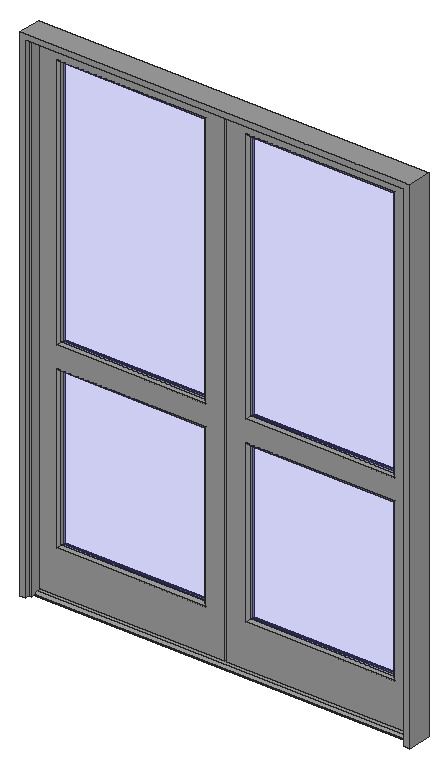
Revit family "MS-375 PIVOT DOOR-Double-VIP-0.25-CW_v05", category Curtain Panels, Revit 2015 (continued)
Definition of nested family "2.5x6-RTCIG CW-H8533-DHD-OHD SC-DI"
  Lines and regions (in)
    detail lines, in view "Ref. Level", detail levels fine
      curve 106: line (0.61696, -1.37533, 0) -> (0.63196, -1.37433, 0)
      curve 107: line (0.63196, -1.37433, 0) -> (0.65896, -1.37233, 0)
      curve 108: line (0.65896, -1.37233, 0) -> (0.67896, -1.37033, 0)
      curve 109: line (0.67896, -1.37033, 0) -> (0.65296, -1.36633, 0)
      curve 110: line (0.65296, -1.36633, 0) -> (0.62296, -1.36633, 0)
      curve 111: line (0.62296, -1.36633, 0) -> (0.58996, -1.36433, 0)
      curve 112: line (0.58996, -1.36433, 0) -> (0.54796, -1.36933, 0)
      curve 113: line (0.57196, -1.38433, 0) -> (0.58996, -1.38133, 0)
      curve 114: line (0.58996, -1.38133, 0) -> (0.54796, -1.38833, 0)
      curve 115: line (0.54796, -1.38833, 0) -> (0.57196, -1.38433, 0)
      curve 116: line (0.54996, -1.24133, 0) -> (0.56796, -1.23933, 0)
      curve 117: line (0.56796, -1.23933, 0) -> (0.58096, -1.23733, 0)
      curve 118: line (0.58096, -1.23733, 0) -> (0.59396, -1.23533, 0)
      curve 119: line (0.59396, -1.23533, 0) -> (0.61496, -1.23533, 0)
      curve 120: line (0.61496, -1.23533, 0) -> (0.62796, -1.23533, 0)
      curve 121: line (0.62796, -1.23533, 0) -> (0.65696, -1.23733, 0)
      curve 122: line (0.65696, -1.23733, 0) -> (0.67096, -1.23733, 0)
      curve 123: line (0.67096, -1.23733, 0) -> (0.67896, -1.23933, 0)
      curve 124: line (0.67896, -1.23933, 0) -> (0.69696, -1.24133, 0)
      curve 125: line (0.69696, -1.24133, 0) -> (0.71096, -1.24433, 0)
      curve 126: line (0.71096, -1.24433, 0) -> (0.72796, -1.25233, 0)
      curve 127: line (0.72796, -1.25233, 0) -> (0.74196, -1.25233, 0)
      curve 128: line (0.74196, -1.25233, 0) -> (0.72596, -1.24433, 0)
      curve 129: line (0.72596, -1.24433, 0) -> (0.71096, -1.25033, 0)
      curve 130: line (0.71096, -1.25033, 0) -> (0.70196, -1.25033, 0)
      curve 131: line (0.70196, -1.25033, 0) -> (0.68596, -1.25033, 0)
      curve 132: line (0.68596, -1.25033, 0) -> (0.67096, -1.24633, 0)
      curve 133: line (0.67096, -1.24633, 0) -> (0.65496, -1.24633, 0)
      curve 134: line (0.65496, -1.24633, 0) -> (0.62296, -1.24633, 0)
      curve 135: line (0.62296, -1.24633, 0) -> (0.60596, -1.24633, 0)
      curve 136: line (0.60596, -1.24633, 0) -> (0.59396, -1.24633, 0)
      curve 137: line (0.59396, -1.24633, 0) -> (0.54796, -1.25433, 0)
      curve 138: line (0.54996, -1.20833, 0) -> (0.56096, -1.20833, 0)
      curve 139: line (0.56096, -1.20833, 0) -> (0.58096, -1.20833, 0)
      curve 140: line (0.58096, -1.20833, 0) -> (0.59196, -1.20633, 0)
      curve 141: line (0.59196, -1.20633, 0) -> (0.59896, -1.20633, 0)
      curve 142: line (0.59896, -1.20633, 0) -> (0.60596, -1.20833, 0)
      curve 143: line (0.60596, -1.20833, 0) -> (0.62296, -1.21433, 0)
      curve 144: line (0.62296, -1.21433, 0) -> (0.65496, -1.21233, 0)
      curve 145: line (0.65496, -1.21233, 0) -> (0.66196, -1.21033, 0)
      curve 146: line (0.66196, -1.21033, 0) -> (0.67096, -1.21233, 0)
      curve 147: line (0.67096, -1.21233, 0) -> (0.68096, -1.21233, 0)
      curve 148: line (0.68096, -1.21233, 0) -> (0.68996, -1.21233, 0)
      curve 149: line (0.74596, -1.21033, 0) -> (0.73496, -1.21033, 0)
      curve 150: line (0.73496, -1.21033, 0) -> (0.74196, -1.21033, 0)
      curve 151: line (0.74196, -1.21033, 0) -> (0.75296, -1.21033, 0)
      curve 152: line (0.75296, -1.21033, 0) -> (0.76396, -1.21033, 0)
      curve 153: line (0.76396, -1.21033, 0) -> (0.77496, -1.20633, 0)
      curve 154: line (0.77896, -1.20633, 0) -> (0.76796, -1.20633, 0)
      curve 155: line (0.76796, -1.20633, 0) -> (0.76096, -1.20633, 0)
      curve 156: line (0.76096, -1.20633, 0) -> (0.75296, -1.20833, 0)
      curve 157: line (0.75296, -1.20833, 0) -> (0.74596, -1.21033, 0)
      curve 158: line (0.78096, -1.27033, 0) -> (0.76996, -1.27233, 0)
      curve 159: line (0.76996, -1.27233, 0) -> (0.75496, -1.27433, 0)
      curve 160: line (0.75496, -1.27433, 0) -> (0.74396, -1.27433, 0)
      curve 161: line (0.74396, -1.27433, 0) -> (0.73496, -1.27433, 0)
      curve 162: line (0.73496, -1.27433, 0) -> (0.71496, -1.27433, 0)
      curve 163: line (0.71496, -1.27433, 0) -> (0.69696, -1.27433, 0)
      curve 164: line (0.69696, -1.27433, 0) -> (0.67496, -1.27033, 0)
      curve 165: line (0.67496, -1.27033, 0) -> (0.65696, -1.27033, 0)
      curve 166: line (0.65696, -1.27033, 0) -> (0.60996, -1.27033, 0)
      curve 167: line (0.60996, -1.27033, 0) -> (0.57396, -1.27033, 0)
      curve 168: line (0.57396, -1.27033, 0) -> (0.54796, -1.26833, 0)
      curve 169: line (0.54796, -1.26133, 0) -> (0.56796, -1.26133, 0)
      curve 170: line (0.56796, -1.26133, 0) -> (0.59696, -1.26133, 0)
      curve 171: line (0.59696, -1.26133, 0) -> (0.62496, -1.26133, 0)
      curve 172: line (0.62496, -1.26133, 0) -> (0.66796, -1.26333, 0)
      curve 173: line (0.66796, -1.26333, 0) -> (0.70096, -1.26433, 0)
      curve 174: line (0.70096, -1.26433, 0) -> (0.71896, -1.26333, 0)
      curve 175: line (0.71896, -1.26333, 0) -> (0.73296, -1.26333, 0)
      curve 176: line (0.73296, -1.26333, 0) -> (0.75096, -1.26333, 0)
      curve 177: line (0.75096, -1.26333, 0) -> (0.76096, -1.26333, 0)
      curve 178: line (0.76096, -1.26333, 0) -> (0.76796, -1.26333, 0)
      curve 179: line (0.76796, -1.26333, 0) -> (0.78096, -1.26333, 0)
      curve 180: line (0.78096, -1.25133, 0) -> (0.76996, -1.25033, 0)
      curve 181: line (0.76996, -1.25033, 0) -> (0.76196, -1.25033, 0)
      curve 182: line (0.76196, -1.25033, 0) -> (0.75096, -1.25233, 0)
      curve 183: line (0.75096, -1.25233, 0) -> (0.74196, -1.25233, 0)
      curve 184: line (0.74196, -1.25233, 0) -> (0.74996, -1.24833, 0)
      curve 185: line (0.74996, -1.24833, 0) -> (0.76396, -1.24633, 0)
      curve 186: line (0.76396, -1.24633, 0) -> (0.77496, -1.24333, 0)
      curve 187: line (0.76996, -1.22433, 0) -> (0.75496, -1.22433, 0)
      curve 188: line (0.75496, -1.22433, 0) -> (0.74196, -1.22633, 0)
      curve 189: line (0.74196, -1.22633, 0) -> (0.73296, -1.22633, 0)
      curve 190: line (0.73296, -1.22633, 0) -> (0.70996, -1.22433, 0)
      curve 191: line (0.70996, -1.22433, 0) -> (0.69896, -1.22333, 0)
      curve 192: line (0.69896, -1.22333, 0) -> (0.67696, -1.22433, 0)
      curve 193: line (0.67696, -1.22433, 0) -> (0.65296, -1.22333, 0)
      curve 194: line (0.65296, -1.22333, 0) -> (0.62296, -1.22333, 0)
      curve 195: line (0.62296, -1.22333, 0) -> (0.59896, -1.22133, 0)
      curve 196: line (0.59896, -1.22133, 0) -> (0.58096, -1.22133, 0)
      curve 197: line (0.58096, -1.22133, 0) -> (0.56096, -1.22133, 0)
      curve 198: line (0.56096, -1.22133, 0) -> (0.54796, -1.22233, 0)
      curve 199: line (0.73496, -1.21033, 0) -> (0.71896, -1.21233, 0)
      curve 200: line (0.71896, -1.21233, 0) -> (0.70996, -1.20833, 0)
      curve 201: line (0.70996, -1.20833, 0) -> (0.72396, -1.20833, 0)
      curve 202: line (0.72396, -1.20833, 0) -> (0.73296, -1.21233, 0)
      curve 203: line (0.73296, -1.37433, 0) -> (0.74396, -1.37433, 0)
      curve 204: line (0.74396, -1.37433, 0) -> (0.76096, -1.37433, 0)
      curve 205: line (0.76096, -1.37433, 0) -> (0.77296, -1.37433, 0)
      curve 206: line (0.78096, -1.37033, 0) -> (0.77096, -1.37033, 0)
      curve 207: line (0.77096, -1.37033, 0) -> (0.75496, -1.37033, 0)
      curve 208: line (0.75496, -1.37033, 0) -> (0.74796, -1.36833, 0)
      curve 209: line (0.74796, -1.36833, 0) -> (0.74096, -1.36833, 0)
      curve 210: line (0.74096, -1.36833, 0) -> (0.72996, -1.36633, 0)
      curve 211: line (0.72996, -1.36633, 0) -> (0.71496, -1.36633, 0)
      curve 212: line (0.71496, -1.36633, 0) -> (0.70396, -1.36633, 0)
      curve 213: line (0.70396, -1.36633, 0) -> (0.68996, -1.37033, 0)
      curve 214: line (0.68996, -1.37033, 0) -> (0.70596, -1.37233, 0)
      curve 215: line (0.70596, -1.37233, 0) -> (0.72096, -1.37233, 0)
      curve 216: line (0.72096, -1.37233, 0) -> (0.73296, -1.37433, 0)
      curve 217: line (0.75896, -1.35433, 0) -> (0.74796, -1.35033, 0)
      curve 218: line (0.74796, -1.35033, 0) -> (0.76396, -1.34633, 0)
      curve 219: line (0.76396, -1.34633, 0) -> (0.77296, -1.34633, 0)
      curve 220: line (0.77296, -1.34633, 0) -> (0.78096, -1.34833, 0)
      curve 221: line (0.78096, -1.34833, 0) -> (0.77296, -1.35433, 0)
      curve 222: line (0.77296, -1.35433, 0) -> (0.76596, -1.35433, 0)
      curve 223: line (0.76596, -1.35433, 0) -> (0.75896, -1.35433, 0)
      curve 224: line (0.54796, -1.31033, 0) -> (0.55896, -1.31033, 0)
      curve 225: line (0.55896, -1.31033, 0) -> (0.58796, -1.30833, 0)
      curve 226: line (0.58796, -1.30833, 0) -> (0.61496, -1.30833, 0)
      curve 227: line (0.61496, -1.30833, 0) -> (0.62796, -1.30833, 0)
      curve 228: line (0.62796, -1.30833, 0) -> (0.66196, -1.31033, 0)
      curve 229: line (0.66196, -1.31033, 0) -> (0.68096, -1.31233, 0)
      curve 230: line (0.68096, -1.31233, 0) -> (0.69896, -1.31433, 0)
      curve 231: line (0.69896, -1.31433, 0) -> (0.72096, -1.31433, 0)
      curve 232: line (0.72096, -1.31433, 0) -> (0.73696, -1.31433, 0)
      curve 233: line (0.73696, -1.31433, 0) -> (0.75896, -1.31433, 0)
      curve 234: line (0.75896, -1.31433, 0) -> (0.76596, -1.31433, 0)
      curve 235: line (0.76596, -1.31433, 0) -> (0.77896, -1.31033, 0)
      curve 236: line (0.54796, -1.32333, 0) -> (0.57896, -1.32133, 0)
      curve 237: line (0.57896, -1.32133, 0) -> (0.60496, -1.31933, 0)
      curve 238: line (0.60496, -1.31933, 0) -> (0.61896, -1.31933, 0)
      curve 239: line (0.61896, -1.31933, 0) -> (0.66196, -1.31933, 0)
      curve 240: line (0.66196, -1.31933, 0) -> (0.67696, -1.32133, 0)
      curve 241: line (0.67696, -1.32133, 0) -> (0.70096, -1.32133, 0)
      curve 242: line (0.70096, -1.32133, 0) -> (0.71496, -1.32133, 0)
      curve 243: line (0.71496, -1.32133, 0) -> (0.73496, -1.32133, 0)
      curve 244: line (0.73496, -1.32133, 0) -> (0.75096, -1.32333, 0)
      curve 245: line (0.75096, -1.32333, 0) -> (0.76196, -1.32433, 0)
      curve 246: line (0.76196, -1.32433, 0) -> (0.77096, -1.32433, 0)
      curve 247: line (0.77096, -1.32433, 0) -> (0.78096, -1.32433, 0)
      curve 248: line (0.73296, -1.35433, 0) -> (0.74796, -1.35433, 0)
      curve 249: line (0.74796, -1.35433, 0) -> (0.72596, -1.35733, 0)
      curve 250: line (0.72596, -1.35733, 0) -> (0.73296, -1.35433, 0)
      curve 251: line (0.71296, -1.35533, 0) -> (0.70396, -1.36133, 0)
      curve 252: line (0.70396, -1.36133, 0) -> (0.72596, -1.35733, 0)
      curve 253: line (0.72596, -1.35733, 0) -> (0.71296, -1.35533, 0)
      curve 254: line (0.54796, -1.29533, 0) -> (0.57696, -1.29533, 0)
      curve 255: line (0.57696, -1.29533, 0) -> (0.60996, -1.29533, 0)
      curve 256: line (0.60996, -1.29533, 0) -> (0.65296, -1.29533, 0)
      curve 257: line (0.65296, -1.29533, 0) -> (0.67296, -1.29533, 0)
      curve 258: line (0.67296, -1.29533, 0) -> (0.69896, -1.29933, 0)
      curve 259: line (0.69896, -1.29933, 0) -> (0.70796, -1.29933, 0)
      curve 260: line (0.70796, -1.29933, 0) -> (0.72096, -1.30133, 0)
      curve 261: line (0.72096, -1.30133, 0) -> (0.73296, -1.30133, 0)
      curve 262: line (0.73296, -1.30133, 0) -> (0.74396, -1.30133, 0)
      curve 263: line (0.74396, -1.30133, 0) -> (0.75296, -1.30133, 0)
      curve 264: line (0.75296, -1.30133, 0) -> (0.76996, -1.29933, 0)
      curve 265: line (0.76996, -1.29933, 0) -> (0.77696, -1.29933, 0)
      curve 266: line (0.77696, -1.29933, 0) -> (0.77696, -1.2896, 0)
      curve 267: line (0.78096, -1.28933, 0) -> (0.76596, -1.29033, 0)
      curve 268: line (0.76596, -1.29033, 0) -> (0.75496, -1.29033, 0)
      curve 269: line (0.75496, -1.29033, 0) -> (0.74096, -1.29233, 0)
      curve 270: line (0.74096, -1.29233, 0) -> (0.70996, -1.28833, 0)
      curve 271: line (0.70996, -1.28833, 0) -> (0.69296, -1.28833, 0)
      curve 272: line (0.69296, -1.28833, 0) -> (0.67696, -1.28833, 0)
      curve 273: line (0.67696, -1.28833, 0) -> (0.66096, -1.28633, 0)
      curve 274: line (0.66096, -1.28633, 0) -> (0.62296, -1.28633, 0)
      curve 275: line (0.62296, -1.28633, 0) -> (0.60096, -1.28433, 0)
      curve 276: line (0.60096, -1.28433, 0) -> (0.56096, -1.28333, 0)
      curve 277: line (0.56096, -1.28333, 0) -> (0.54796, -1.28333, 0)
      curve 278: line (0.54796, -1.33833, 0) -> (0.57896, -1.33533, 0)
      curve 279: line (0.57896, -1.33533, 0) -> (0.61496, -1.33733, 0)
      curve 280: line (0.61496, -1.33733, 0) -> (0.65296, -1.33733, 0)
      curve 281: line (0.65296, -1.33733, 0) -> (0.67496, -1.33733, 0)
      curve 282: line (0.67496, -1.33733, 0) -> (0.69496, -1.33733, 0)
      curve 283: line (0.69496, -1.33733, 0) -> (0.70996, -1.33733, 0)
      curve 284: line (0.70996, -1.33733, 0) -> (0.72596, -1.33933, 0)
      curve 285: line (0.72596, -1.33933, 0) -> (0.73696, -1.33933, 0)
      curve 286: line (0.73696, -1.33933, 0) -> (0.74796, -1.33933, 0)
      curve 287: line (0.74796, -1.33933, 0) -> (0.75896, -1.33933, 0)
      curve 288: line (0.75896, -1.33933, 0) -> (0.77696, -1.33733, 0)
      curve 289: line (0.78096, -1.41933, 0) -> (0.78096, -1.15933, 0)
    detail lines, in view "Ref. Level", detail levels medium
      curve 290: arc (1.65506, -0.328, 0) -> (1.67791, -0.38315, 0) -> (1.73306, -0.406, 0) r 0.078
      curve 291: arc (0.20206, -0.406, 0) -> (0.25722, -0.38315, 0) -> (0.28006, -0.328, 0) r 0.078
      curve 292: arc (0.68756, -1.173, 0) -> (0.71506, -1.2005, 0) -> (0.74256, -1.173, 0) r 0.0275
      curve 293: arc (0.74256, -1.408, 0) -> (0.71506, -1.3805, 0) -> (0.68756, -1.408, 0) r 0.0275
      curve 294: arc (2.00056, -1, 0) -> (1.96239, -1.07442, 0) -> (2.04511, -1.062, 0) r 0.047
      curve 295: arc (0.95295, -1.053, 0) -> (1.03486, -1.07804, 0) -> (0.99956, -1, 0) r 0.047
      curve 296: line (1.73306, -0.406, 0) -> (1.98306, -0.406, 0)
      curve 297: line (1.98306, -0.406, 0) -> (1.98306, -0.375, 0)
      curve 298: line (1.98306, -0.375, 0) -> (3.09256, -0.375, 0)
      curve 299: line (3.09256, -0.375, 0) -> (3.09256, -0.875, 0)
      curve 300: line (3.09256, -0.875, 0) -> (-1.15744, -0.875, 0)
      curve 301: line (-1.15744, -0.875, 0) -> (-1.15744, -0.375, 0)
      curve 302: line (-1.15744, -0.375, 0) -> (-0.04794, -0.375, 0)
      curve 303: line (-0.04794, -0.375, 0) -> (-0.04794, -0.406, 0)
      curve 304: line (-0.04794, -0.406, 0) -> (0.20206, -0.406, 0)
      curve 305: line (0.28006, -0.328, 0) -> (0.03006, -0.328, 0)
      curve 306: line (0.03006, -0.328, 0) -> (0.03006, -0.25, 0)
      curve 307: line (0.03006, -0.25, 0) -> (-1.28244, -0.25, 0)
      curve 308: line (-1.28244, -0.25, 0) -> (-1.28244, -1, 0)
      curve 309: line (-1.28244, -1, 0) -> (3.21756, -1, 0)
      curve 310: line (3.21756, -1, 0) -> (3.21756, -0.25, 0)
      curve 311: line (3.21756, -0.25, 0) -> (1.90506, -0.25, 0)
      curve 312: line (1.90506, -0.25, 0) -> (1.90506, -0.328, 0)
      curve 313: line (1.90506, -0.328, 0) -> (1.65506, -0.328, 0)
      curve 314: line (0.74256, -1.173, 0) -> (0.74256, -1.143, 0)
      curve 315: line (0.74256, -1.143, 0) -> (0.79756, -1.143, 0)
      curve 316: line (0.79756, -1.143, 0) -> (0.79756, -1.438, 0)
      curve 317: line (0.79756, -1.438, 0) -> (0.74256, -1.438, 0)
      curve 318: line (0.74256, -1.438, 0) -> (0.74256, -1.408, 0)
      curve 319: line (0.68756, -1.408, 0) -> (0.68756, -1.5, 0)
      curve 320: line (0.68756, -1.5, 0) -> (2.31256, -1.5, 0)
      curve 321: line (2.31256, -1.5, 0) -> (2.31256, -1, 0)
      curve 322: line (2.31256, -1, 0) -> (2.00056, -1, 0)
      curve 323: line (2.04511, -1.062, 0) -> (2.25056, -1.062, 0)
      curve 324: line (2.25056, -1.062, 0) -> (2.25056, -1.438, 0)
      curve 325: line (2.25056, -1.438, 0) -> (0.85956, -1.438, 0)
      curve 326: line (0.85956, -1.438, 0) -> (0.85956, -1.053, 0)
      curve 327: line (0.85956, -1.053, 0) -> (0.95295, -1.053, 0)
      curve 328: line (0.99956, -1, 0) -> (0.79756, -1, 0)
      curve 329: line (0.79756, -1, 0) -> (0.79756, -1.081, 0)
      curve 330: line (0.79756, -1.081, 0) -> (0.74256, -1.081, 0)
      curve 331: line (0.74256, -1.081, 0) -> (0.74256, -1, 0)
      curve 332: line (0.74256, -1, 0) -> (0.68756, -1, 0)
      curve 333: line (0.68756, -1, 0) -> (0.68756, -1.173, 0)
      curve 334: line (-1.28244, 0, 0) -> (-1.28244, -1, 0)
      curve 335: line (-1.28244, -1, 0) -> (0.68756, -1, 0)
      curve 336: line (0.68756, -1, 0) -> (0.68756, -1.5, 0)
      curve 337: line (0.68756, -1.5, 0) -> (2.31256, -1.5, 0)
      curve 338: line (2.31256, -1.5, 0) -> (2.31256, -1, 0)
      curve 339: line (2.31256, -1, 0) -> (3.21756, -1, 0)
      curve 340: line (3.21756, -1, 0) -> (3.21756, 0, 0)
      curve 341: line (3.21756, 0, 0) -> (-1.28244, 0, 0)
    detail lines, in view "Ref. Level", not visible, detail levels fine
      curve 342: arc (1.65506, -0.328, 0) -> (1.67791, -0.38315, 0) -> (1.73306, -0.406, 0) r 0.078
      curve 343: arc (0.20206, -0.406, 0) -> (0.25722, -0.38315, 0) -> (0.28006, -0.328, 0) r 0.078
      curve 344: arc (0.68756, -1.173, 0) -> (0.71506, -1.2005, 0) -> (0.74256, -1.173, 0) r 0.0275
      curve 345: arc (0.74256, -1.408, 0) -> (0.71506, -1.3805, 0) -> (0.68756, -1.408, 0) r 0.0275
      curve 346: arc (2.00056, -1, 0) -> (1.96239, -1.07442, 0) -> (2.04511, -1.062, 0) r 0.047
      curve 347: arc (0.95295, -1.053, 0) -> (1.03486, -1.07804, 0) -> (0.99956, -1, 0) r 0.047
      curve 348: line (1.73306, -0.406, 0) -> (1.98306, -0.406, 0)
      curve 349: line (1.98306, -0.406, 0) -> (1.98306, -0.375, 0)
      curve 350: line (1.98306, -0.375, 0) -> (3.09256, -0.375, 0)
      curve 351: line (3.09256, -0.375, 0) -> (3.09256, -0.875, 0)
      curve 352: line (3.09256, -0.875, 0) -> (-1.15744, -0.875, 0)
      curve 353: line (-1.15744, -0.875, 0) -> (-1.15744, -0.375, 0)
      curve 354: line (-1.15744, -0.375, 0) -> (-0.04794, -0.375, 0)
      curve 355: line (-0.04794, -0.375, 0) -> (-0.04794, -0.406, 0)
      curve 356: line (-0.04794, -0.406, 0) -> (0.20206, -0.406, 0)
      curve 357: line (0.28006, -0.328, 0) -> (0.03006, -0.328, 0)
      curve 358: line (0.03006, -0.328, 0) -> (0.03006, -0.25, 0)
      curve 359: line (0.03006, -0.25, 0) -> (-1.28244, -0.25, 0)
      curve 360: line (-1.28244, -0.25, 0) -> (-1.28244, -1, 0)
      curve 361: line (-1.28244, -1, 0) -> (3.21756, -1, 0)
      curve 362: line (3.21756, -1, 0) -> (3.21756, -0.25, 0)
      curve 363: line (3.21756, -0.25, 0) -> (1.90506, -0.25, 0)
      curve 364: line (1.90506, -0.25, 0) -> (1.90506, -0.328, 0)
      curve 365: line (1.90506, -0.328, 0) -> (1.65506, -0.328, 0)
      curve 366: line (0.74256, -1.173, 0) -> (0.74256, -1.143, 0)
      curve 367: line (0.74256, -1.143, 0) -> (0.79756, -1.143, 0)
      curve 368: line (0.79756, -1.143, 0) -> (0.79756, -1.438, 0)
      curve 369: line (0.79756, -1.438, 0) -> (0.74256, -1.438, 0)
      curve 370: line (0.74256, -1.438, 0) -> (0.74256, -1.408, 0)
      curve 371: line (0.68756, -1.408, 0) -> (0.68756, -1.5, 0)
      curve 372: line (0.68756, -1.5, 0) -> (2.31256, -1.5, 0)
      curve 373: line (2.31256, -1.5, 0) -> (2.31256, -1, 0)
      curve 374: line (2.31256, -1, 0) -> (2.00056, -1, 0)
      curve 375: line (2.04511, -1.062, 0) -> (2.25056, -1.062, 0)
      curve 376: line (2.25056, -1.062, 0) -> (2.25056, -1.438, 0)
      curve 377: line (2.25056, -1.438, 0) -> (0.85956, -1.438, 0)
      curve 378: line (0.85956, -1.438, 0) -> (0.85956, -1.053, 0)
      curve 379: line (0.85956, -1.053, 0) -> (0.95295, -1.053, 0)
      curve 380: line (0.99956, -1, 0) -> (0.79756, -1, 0)
      curve 381: line (0.79756, -1, 0) -> (0.79756, -1.081, 0)
      curve 382: line (0.79756, -1.081, 0) -> (0.74256, -1.081, 0)
      curve 383: line (0.74256, -1.081, 0) -> (0.74256, -1, 0)
      curve 384: line (0.74256, -1, 0) -> (0.68756, -1, 0)
      curve 385: line (0.68756, -1, 0) -> (0.68756, -1.173, 0)
      curve 386: line (-1.28244, 0, 0) -> (-1.28244, -1, 0)
      curve 387: line (-1.28244, -1, 0) -> (0.68756, -1, 0)
      curve 388: line (0.68756, -1, 0) -> (0.68756, -1.5, 0)
      curve 389: line (0.68756, -1.5, 0) -> (2.31256, -1.5, 0)
      curve 390: line (2.31256, -1.5, 0) -> (2.31256, -1, 0)
      curve 391: line (2.31256, -1, 0) -> (3.21756, -1, 0)
      curve 392: line (3.21756, -1, 0) -> (3.21756, 0, 0)
      curve 393: line (3.21756, 0, 0) -> (-1.28244, 0, 0)
      curve 394: arc (-1.28244, -0.25, 0) -> (-1.26095, -0.125, 0) -> (-1.28244, 0, 0) r 0.37439
      curve 395: arc (3.21756, 0, 0) -> (3.19608, -0.125, 0) -> (3.21756, -0.25, 0) r 0.37439
      curve 396: arc (1.95497, -1.14175, 0) -> (1.95619, -1.1362, 0) -> (1.95482, -1.13068, 0) r 0.0125
      curve 397: arc (1.98284, -1.14139, 0) -> (1.98406, -1.13584, 0) -> (1.9827, -1.13032, 0) r 0.0125
      curve 398: arc (1.01743, -1.13032, 0) -> (1.01607, -1.13584, 0) -> (1.01729, -1.14139, 0) r 0.0125
      curve 399: arc (1.0453, -1.13068, 0) -> (1.04394, -1.1362, 0) -> (1.04516, -1.14175, 0) r 0.0125
      curve 400: arc (1.10681, -1.025, 0) -> (1.10028, -1.02684, 0) -> (1.09567, -1.03182, 0) r 0.0125
      curve 401: arc (1.90446, -1.03183, 0) -> (1.89985, -1.02684, 0) -> (1.89332, -1.025, 0) r 0.0125
      curve 402: line (-1.03244, -0.25, 0) -> (-1.03244, 0, 0)
      curve 403: line (-1.03244, 0, 0) -> (2.96756, 0, 0)
      curve 404: line (2.96756, 0, 0) -> (2.96756, -0.25, 0)
      curve 405: line (2.96756, -0.25, 0) -> (-1.03244, -0.25, 0)
      curve 406: line (-1.03244, -0.25, 0) -> (2.96756, 0, 0)
      curve 407: line (-1.03244, 0, 0) -> (2.96756, -0.25, 0)
      curve 408: line (1.95497, -1.14175, 0) -> (1.89789, -1.26122, 0)
      curve 409: line (1.89789, -1.26122, 0) -> (1.92045, -1.272, 0)
      curve 410: line (1.92045, -1.272, 0) -> (1.98284, -1.14139, 0)
      curve 411: line (1.9827, -1.13032, 0) -> (1.92904, -1.025, 0)
      curve 412: line (1.92904, -1.025, 0) -> (1.95506, -1.025, 0)
      curve 413: line (1.95506, -1.025, 0) -> (1.95506, -1, 0)
      curve 414: line (1.95506, -1, 0) -> (1.04506, -1, 0)
      curve 415: line (1.04506, -1, 0) -> (1.04506, -1.025, 0)
      curve 416: line (1.04506, -1.025, 0) -> (1.07109, -1.025, 0)
      curve 417: line (1.07109, -1.025, 0) -> (1.01743, -1.13032, 0)
      curve 418: line (1.01729, -1.14139, 0) -> (1.07968, -1.272, 0)
      curve 419: line (1.07968, -1.272, 0) -> (1.10224, -1.26122, 0)
      curve 420: line (1.10224, -1.26122, 0) -> (1.04516, -1.14175, 0)
      curve 421: line (1.0453, -1.13068, 0) -> (1.09567, -1.03182, 0)
      curve 422: line (1.10681, -1.025, 0) -> (1.89332, -1.025, 0)
      curve 423: line (1.90446, -1.03183, 0) -> (1.95482, -1.13068, 0)
      curve 424: line (0.54796, -1.18033, 0) -> (0.56296, -1.18633, 0)
      curve 425: line (0.56296, -1.18633, 0) -> (0.57696, -1.19533, 0)
      curve 426: line (0.57696, -1.19533, 0) -> (0.60296, -1.19933, 0)
      curve 427: line (0.60296, -1.19933, 0) -> (0.62096, -1.20333, 0)
      curve 428: line (0.62096, -1.20333, 0) -> (0.65696, -1.20433, 0)
      curve 429: line (0.65696, -1.20433, 0) -> (0.67296, -1.20633, 0)
      curve 430: line (0.67296, -1.20633, 0) -> (0.69296, -1.20833, 0)
      curve 431: line (0.69296, -1.20833, 0) -> (0.69696, -1.21433, 0)
      curve 432: line (0.69696, -1.21433, 0) -> (0.70996, -1.20833, 0)
      curve 433: line (0.70996, -1.20833, 0) -> (0.69696, -1.21433, 0)
      curve 434: line (0.55396, -1.35233, 0) -> (0.58296, -1.35233, 0)
      curve 435: line (0.58296, -1.35233, 0) -> (0.60796, -1.35233, 0)
      curve 436: line (0.60796, -1.35233, 0) -> (0.62496, -1.35433, 0)
      curve 437: line (0.62496, -1.35433, 0) -> (0.65696, -1.35433, 0)
      curve 438: line (0.65696, -1.35433, 0) -> (0.67696, -1.35533, 0)
      curve 439: line (0.67696, -1.35533, 0) -> (0.70396, -1.36133, 0)
      curve 440: line (0.70396, -1.36133, 0) -> (0.67496, -1.36433, 0)
      curve 441: line (0.67496, -1.36433, 0) -> (0.68996, -1.37033, 0)
      curve 442: line (0.68996, -1.37033, 0) -> (0.67296, -1.36633, 0)
      curve 443: line (0.67296, -1.36633, 0) -> (0.65096, -1.36833, 0)
      curve 444: line (0.65096, -1.36833, 0) -> (0.58796, -1.37733, 0)
      curve 445: line (0.58796, -1.37733, 0) -> (0.60596, -1.37733, 0)
      curve 446: line (0.60596, -1.37733, 0) -> (0.61696, -1.37533, 0)
      curve 447: line (0.61696, -1.37533, 0) -> (0.63196, -1.37433, 0)
      curve 448: line (0.63196, -1.37433, 0) -> (0.65896, -1.37233, 0)
      curve 449: line (0.65896, -1.37233, 0) -> (0.67896, -1.37033, 0)
      curve 450: line (0.67896, -1.37033, 0) -> (0.65296, -1.36633, 0)
      curve 451: line (0.65296, -1.36633, 0) -> (0.62296, -1.36633, 0)
      curve 452: line (0.62296, -1.36633, 0) -> (0.58996, -1.36433, 0)
      curve 453: line (0.58996, -1.36433, 0) -> (0.54796, -1.36933, 0)
      curve 454: line (0.57196, -1.38433, 0) -> (0.58996, -1.38133, 0)
      curve 455: line (0.58996, -1.38133, 0) -> (0.54796, -1.38833, 0)
      curve 456: line (0.54796, -1.38833, 0) -> (0.57196, -1.38433, 0)
      curve 457: line (0.54996, -1.24133, 0) -> (0.56796, -1.23933, 0)
      curve 458: line (0.56796, -1.23933, 0) -> (0.58096, -1.23733, 0)
      curve 459: line (0.58096, -1.23733, 0) -> (0.59396, -1.23533, 0)
      curve 460: line (0.59396, -1.23533, 0) -> (0.61496, -1.23533, 0)
      curve 461: line (0.61496, -1.23533, 0) -> (0.62796, -1.23533, 0)
      curve 462: line (0.62796, -1.23533, 0) -> (0.65696, -1.23733, 0)
      curve 463: line (0.65696, -1.23733, 0) -> (0.67096, -1.23733, 0)
      curve 464: line (0.67096, -1.23733, 0) -> (0.67896, -1.23933, 0)
      curve 465: line (0.67896, -1.23933, 0) -> (0.69696, -1.24133, 0)
      curve 466: line (0.69696, -1.24133, 0) -> (0.71096, -1.24433, 0)
      curve 467: line (0.71096, -1.24433, 0) -> (0.72796, -1.25233, 0)
      curve 468: line (0.72796, -1.25233, 0) -> (0.74196, -1.25233, 0)
      curve 469: line (0.74196, -1.25233, 0) -> (0.72596, -1.24433, 0)
      curve 470: line (0.72596, -1.24433, 0) -> (0.71096, -1.25033, 0)
      curve 471: line (0.71096, -1.25033, 0) -> (0.70196, -1.25033, 0)
      curve 472: line (0.70196, -1.25033, 0) -> (0.68596, -1.25033, 0)
      curve 473: line (0.68596, -1.25033, 0) -> (0.67096, -1.24633, 0)
      curve 474: line (0.67096, -1.24633, 0) -> (0.65496, -1.24633, 0)
      curve 475: line (0.65496, -1.24633, 0) -> (0.62296, -1.24633, 0)
      curve 476: line (0.62296, -1.24633, 0) -> (0.60596, -1.24633, 0)
      curve 477: line (0.60596, -1.24633, 0) -> (0.59396, -1.24633, 0)
      curve 478: line (0.59396, -1.24633, 0) -> (0.54796, -1.25433, 0)
      curve 479: line (0.54996, -1.20833, 0) -> (0.56096, -1.20833, 0)
      curve 480: line (0.56096, -1.20833, 0) -> (0.58096, -1.20833, 0)
      curve 481: line (0.58096, -1.20833, 0) -> (0.59196, -1.20633, 0)
      curve 482: line (0.59196, -1.20633, 0) -> (0.59896, -1.20633, 0)
      curve 483: line (0.59896, -1.20633, 0) -> (0.60596, -1.20833, 0)
      curve 484: line (0.60596, -1.20833, 0) -> (0.62296, -1.21433, 0)
      curve 485: line (0.62296, -1.21433, 0) -> (0.65496, -1.21233, 0)
      curve 486: line (0.65496, -1.21233, 0) -> (0.66196, -1.21033, 0)
      curve 487: line (0.66196, -1.21033, 0) -> (0.67096, -1.21233, 0)
      curve 488: line (0.67096, -1.21233, 0) -> (0.68096, -1.21233, 0)
      curve 489: line (0.68096, -1.21233, 0) -> (0.68996, -1.21233, 0)
      curve 490: line (0.74596, -1.21033, 0) -> (0.73496, -1.21033, 0)
      curve 491: line (0.73496, -1.21033, 0) -> (0.74196, -1.21033, 0)
      curve 492: line (0.74196, -1.21033, 0) -> (0.75296, -1.21033, 0)
      curve 493: line (0.75296, -1.21033, 0) -> (0.76396, -1.21033, 0)
      curve 494: line (0.76396, -1.21033, 0) -> (0.77496, -1.20633, 0)
      curve 495: line (0.77896, -1.20633, 0) -> (0.76796, -1.20633, 0)
      curve 496: line (0.76796, -1.20633, 0) -> (0.76096, -1.20633, 0)
      curve 497: line (0.76096, -1.20633, 0) -> (0.75296, -1.20833, 0)
      curve 498: line (0.75296, -1.20833, 0) -> (0.74596, -1.21033, 0)
      curve 499: line (0.78096, -1.27033, 0) -> (0.76996, -1.27233, 0)
      curve 500: line (0.76996, -1.27233, 0) -> (0.75496, -1.27433, 0)
      curve 501: line (0.75496, -1.27433, 0) -> (0.74396, -1.27433, 0)
      curve 502: line (0.74396, -1.27433, 0) -> (0.73496, -1.27433, 0)
      curve 503: line (0.73496, -1.27433, 0) -> (0.71496, -1.27433, 0)
      curve 504: line (0.71496, -1.27433, 0) -> (0.69696, -1.27433, 0)
      curve 505: line (0.69696, -1.27433, 0) -> (0.67496, -1.27033, 0)
      curve 506: line (0.67496, -1.27033, 0) -> (0.65696, -1.27033, 0)
      curve 507: line (0.65696, -1.27033, 0) -> (0.60996, -1.27033, 0)
      curve 508: line (0.60996, -1.27033, 0) -> (0.57396, -1.27033, 0)
      curve 509: line (0.57396, -1.27033, 0) -> (0.54796, -1.26833, 0)
      curve 510: line (0.54796, -1.26133, 0) -> (0.56796, -1.26133, 0)
      curve 511: line (0.56796, -1.26133, 0) -> (0.59696, -1.26133, 0)
      curve 512: line (0.59696, -1.26133, 0) -> (0.62496, -1.26133, 0)
      curve 513: line (0.62496, -1.26133, 0) -> (0.66796, -1.26333, 0)
      curve 514: line (0.66796, -1.26333, 0) -> (0.70096, -1.26433, 0)
      curve 515: line (0.70096, -1.26433, 0) -> (0.71896, -1.26333, 0)
      curve 516: line (0.71896, -1.26333, 0) -> (0.73296, -1.26333, 0)
      curve 517: line (0.73296, -1.26333, 0) -> (0.75096, -1.26333, 0)
      curve 518: line (0.75096, -1.26333, 0) -> (0.76096, -1.26333, 0)
      curve 519: line (0.76096, -1.26333, 0) -> (0.76796, -1.26333, 0)
      curve 520: line (0.76796, -1.26333, 0) -> (0.78096, -1.26333, 0)
      curve 521: line (0.78096, -1.25133, 0) -> (0.76996, -1.25033, 0)
      curve 522: line (0.76996, -1.25033, 0) -> (0.76196, -1.25033, 0)
      curve 523: line (0.76196, -1.25033, 0) -> (0.75096, -1.25233, 0)
      curve 524: line (0.75096, -1.25233, 0) -> (0.74196, -1.25233, 0)
      curve 525: line (0.74196, -1.25233, 0) -> (0.74996, -1.24833, 0)
      curve 526: line (0.74996, -1.24833, 0) -> (0.76396, -1.24633, 0)
      curve 527: line (0.76396, -1.24633, 0) -> (0.77496, -1.24333, 0)
      curve 528: line (0.76996, -1.22433, 0) -> (0.75496, -1.22433, 0)
      curve 529: line (0.75496, -1.22433, 0) -> (0.74196, -1.22633, 0)
      curve 530: line (0.74196, -1.22633, 0) -> (0.73296, -1.22633, 0)
      curve 531: line (0.73296, -1.22633, 0) -> (0.70996, -1.22433, 0)
      curve 532: line (0.70996, -1.22433, 0) -> (0.69896, -1.22333, 0)
      curve 533: line (0.69896, -1.22333, 0) -> (0.67696, -1.22433, 0)
      curve 534: line (0.67696, -1.22433, 0) -> (0.65296, -1.22333, 0)
      curve 535: line (0.65296, -1.22333, 0) -> (0.62296, -1.22333, 0)
      curve 536: line (0.62296, -1.22333, 0) -> (0.59896, -1.22133, 0)
      curve 537: line (0.59896, -1.22133, 0) -> (0.58096, -1.22133, 0)
      curve 538: line (0.58096, -1.22133, 0) -> (0.56096, -1.22133, 0)
      curve 539: line (0.56096, -1.22133, 0) -> (0.54796, -1.22233, 0)
      curve 540: line (0.73496, -1.21033, 0) -> (0.71896, -1.21233, 0)
      curve 541: line (0.71896, -1.21233, 0) -> (0.70996, -1.20833, 0)
      curve 542: line (0.70996, -1.20833, 0) -> (0.72396, -1.20833, 0)
      curve 543: line (0.72396, -1.20833, 0) -> (0.73296, -1.21233, 0)
      curve 544: line (0.73296, -1.37433, 0) -> (0.74396, -1.37433, 0)
      curve 545: line (0.74396, -1.37433, 0) -> (0.76096, -1.37433, 0)
      curve 546: line (0.76096, -1.37433, 0) -> (0.77296, -1.37433, 0)
      curve 547: line (0.78096, -1.37033, 0) -> (0.77096, -1.37033, 0)
      curve 548: line (0.77096, -1.37033, 0) -> (0.75496, -1.37033, 0)
      curve 549: line (0.75496, -1.37033, 0) -> (0.74796, -1.36833, 0)
      curve 550: line (0.74796, -1.36833, 0) -> (0.74096, -1.36833, 0)
      curve 551: line (0.74096, -1.36833, 0) -> (0.72996, -1.36633, 0)
      curve 552: line (0.72996, -1.36633, 0) -> (0.71496, -1.36633, 0)
      curve 553: line (0.71496, -1.36633, 0) -> (0.70396, -1.36633, 0)
      curve 554: line (0.70396, -1.36633, 0) -> (0.68996, -1.37033, 0)
      curve 555: line (0.68996, -1.37033, 0) -> (0.70596, -1.37233, 0)
      curve 556: line (0.70596, -1.37233, 0) -> (0.72096, -1.37233, 0)
      curve 557: line (0.72096, -1.37233, 0) -> (0.73296, -1.37433, 0)
      curve 558: line (0.75896, -1.35433, 0) -> (0.74796, -1.35033, 0)
      curve 559: line (0.74796, -1.35033, 0) -> (0.76396, -1.34633, 0)
      curve 560: line (0.76396, -1.34633, 0) -> (0.77296, -1.34633, 0)
      curve 561: line (0.77296, -1.34633, 0) -> (0.78096, -1.34833, 0)
      curve 562: line (0.78096, -1.34833, 0) -> (0.77296, -1.35433, 0)
      curve 563: line (0.77296, -1.35433, 0) -> (0.76596, -1.35433, 0)
      curve 564: line (0.76596, -1.35433, 0) -> (0.75896, -1.35433, 0)
      curve 565: line (0.54796, -1.31033, 0) -> (0.55896, -1.31033, 0)
      curve 566: line (0.55896, -1.31033, 0) -> (0.58796, -1.30833, 0)
      curve 567: line (0.58796, -1.30833, 0) -> (0.61496, -1.30833, 0)
      curve 568: line (0.61496, -1.30833, 0) -> (0.62796, -1.30833, 0)
      curve 569: line (0.62796, -1.30833, 0) -> (0.66196, -1.31033, 0)
      curve 570: line (0.66196, -1.31033, 0) -> (0.68096, -1.31233, 0)
      curve 571: line (0.68096, -1.31233, 0) -> (0.69896, -1.31433, 0)
      curve 572: line (0.69896, -1.31433, 0) -> (0.72096, -1.31433, 0)
      curve 573: line (0.72096, -1.31433, 0) -> (0.73696, -1.31433, 0)
      curve 574: line (0.73696, -1.31433, 0) -> (0.75896, -1.31433, 0)
      curve 575: line (0.75896, -1.31433, 0) -> (0.76596, -1.31433, 0)
      curve 576: line (0.76596, -1.31433, 0) -> (0.77896, -1.31033, 0)
      curve 577: line (0.54796, -1.32333, 0) -> (0.57896, -1.32133, 0)
      curve 578: line (0.57896, -1.32133, 0) -> (0.60496, -1.31933, 0)
      curve 579: line (0.60496, -1.31933, 0) -> (0.61896, -1.31933, 0)
      curve 580: line (0.61896, -1.31933, 0) -> (0.66196, -1.31933, 0)
      curve 581: line (0.66196, -1.31933, 0) -> (0.67696, -1.32133, 0)
      curve 582: line (0.67696, -1.32133, 0) -> (0.70096, -1.32133, 0)
      curve 583: line (0.70096, -1.32133, 0) -> (0.71496, -1.32133, 0)
      curve 584: line (0.71496, -1.32133, 0) -> (0.73496, -1.32133, 0)
      curve 585: line (0.73496, -1.32133, 0) -> (0.75096, -1.32333, 0)
      curve 586: line (0.75096, -1.32333, 0) -> (0.76196, -1.32433, 0)
      curve 587: line (0.76196, -1.32433, 0) -> (0.77096, -1.32433, 0)
      curve 588: line (0.77096, -1.32433, 0) -> (0.78096, -1.32433, 0)
      curve 589: line (0.73296, -1.35433, 0) -> (0.74796, -1.35433, 0)
      curve 590: line (0.74796, -1.35433, 0) -> (0.72596, -1.35733, 0)
      curve 591: line (0.72596, -1.35733, 0) -> (0.73296, -1.35433, 0)
      curve 592: line (0.71296, -1.35533, 0) -> (0.70396, -1.36133, 0)
      curve 593: line (0.70396, -1.36133, 0) -> (0.72596, -1.35733, 0)
      curve 594: line (0.72596, -1.35733, 0) -> (0.71296, -1.35533, 0)
      curve 595: line (0.54796, -1.29533, 0) -> (0.57696, -1.29533, 0)
      curve 596: line (0.57696, -1.29533, 0) -> (0.60996, -1.29533, 0)
      curve 597: line (0.60996, -1.29533, 0) -> (0.65296, -1.29533, 0)
      curve 598: line (0.65296, -1.29533, 0) -> (0.67296, -1.29533, 0)
      curve 599: line (0.67296, -1.29533, 0) -> (0.69896, -1.29933, 0)
      curve 600: line (0.69896, -1.29933, 0) -> (0.70796, -1.29933, 0)
      curve 601: line (0.70796, -1.29933, 0) -> (0.72096, -1.30133, 0)
      curve 602: line (0.72096, -1.30133, 0) -> (0.73296, -1.30133, 0)
      curve 603: line (0.73296, -1.30133, 0) -> (0.74396, -1.30133, 0)
      curve 604: line (0.74396, -1.30133, 0) -> (0.75296, -1.30133, 0)
      curve 605: line (0.75296, -1.30133, 0) -> (0.76996, -1.29933, 0)
      curve 606: line (0.76996, -1.29933, 0) -> (0.77696, -1.29933, 0)
      curve 607: line (0.77696, -1.29933, 0) -> (0.77696, -1.2896, 0)
      curve 608: line (0.78096, -1.28933, 0) -> (0.76596, -1.29033, 0)
      curve 609: line (0.76596, -1.29033, 0) -> (0.75496, -1.29033, 0)
      curve 610: line (0.75496, -1.29033, 0) -> (0.74096, -1.29233, 0)
      curve 611: line (0.74096, -1.29233, 0) -> (0.70996, -1.28833, 0)
      curve 612: line (0.70996, -1.28833, 0) -> (0.69296, -1.28833, 0)
      curve 613: line (0.69296, -1.28833, 0) -> (0.67696, -1.28833, 0)
      curve 614: line (0.67696, -1.28833, 0) -> (0.66096, -1.28633, 0)
      curve 615: line (0.66096, -1.28633, 0) -> (0.62296, -1.28633, 0)
      curve 616: line (0.62296, -1.28633, 0) -> (0.60096, -1.28433, 0)
      curve 617: line (0.60096, -1.28433, 0) -> (0.56096, -1.28333, 0)
      curve 618: line (0.56096, -1.28333, 0) -> (0.54796, -1.28333, 0)
      curve 619: line (0.54796, -1.33833, 0) -> (0.57896, -1.33533, 0)
      curve 620: line (0.57896, -1.33533, 0) -> (0.61496, -1.33733, 0)
      curve 621: line (0.61496, -1.33733, 0) -> (0.65296, -1.33733, 0)
      curve 622: line (0.65296, -1.33733, 0) -> (0.67496, -1.33733, 0)
      curve 623: line (0.67496, -1.33733, 0) -> (0.69496, -1.33733, 0)
      curve 624: line (0.69496, -1.33733, 0) -> (0.70996, -1.33733, 0)
      curve 625: line (0.70996, -1.33733, 0) -> (0.72596, -1.33933, 0)
      curve 626: line (0.72596, -1.33933, 0) -> (0.73696, -1.33933, 0)
      curve 627: line (0.73696, -1.33933, 0) -> (0.74796, -1.33933, 0)
      curve 628: line (0.74796, -1.33933, 0) -> (0.75896, -1.33933, 0)
      curve 629: line (0.75896, -1.33933, 0) -> (0.77696, -1.33733, 0)
      curve 630: line (0.78096, -1.41933, 0) -> (0.78096, -1.15933, 0)
    detail lines, in view "Ref. Level", not visible, detail levels medium
      curve 631: arc (8.63801, -2.3397, 0) -> (8.66086, -2.39486, 0) -> (8.71601, -2.4177, 0) r 0.078
      curve 632: arc (7.18501, -2.4177, 0) -> (7.24017, -2.39486, 0) -> (7.26301, -2.3397, 0) r 0.078
      curve 633: arc (7.67051, -3.1847, 0) -> (7.69801, -3.2122, 0) -> (7.72551, -3.1847, 0) r 0.0275
      curve 634: arc (7.72551, -3.4197, 0) -> (7.69801, -3.3922, 0) -> (7.67051, -3.4197, 0) r 0.0275
      curve 635: arc (8.98351, -3.0117, 0) -> (8.94534, -3.08613, 0) -> (9.02805, -3.0737, 0) r 0.047
      curve 636: arc (7.9359, -3.0647, 0) -> (8.0178, -3.08974, 0) -> (7.98251, -3.0117, 0) r 0.047
      curve 637: line (8.71601, -2.4177, 0) -> (8.96601, -2.4177, 0)
      curve 638: line (8.96601, -2.4177, 0) -> (8.96601, -2.3867, 0)
      curve 639: line (8.96601, -2.3867, 0) -> (10.07551, -2.3867, 0)
      curve 640: line (10.07551, -2.3867, 0) -> (10.07551, -2.8867, 0)
      curve 641: line (10.07551, -2.8867, 0) -> (5.82551, -2.8867, 0)
      curve 642: line (5.82551, -2.8867, 0) -> (5.82551, -2.3867, 0)
      curve 643: line (5.82551, -2.3867, 0) -> (6.93501, -2.3867, 0)
      curve 644: line (6.93501, -2.3867, 0) -> (6.93501, -2.4177, 0)
      curve 645: line (6.93501, -2.4177, 0) -> (7.18501, -2.4177, 0)
      curve 646: line (7.26301, -2.3397, 0) -> (7.01301, -2.3397, 0)
      curve 647: line (7.01301, -2.3397, 0) -> (7.01301, -2.2617, 0)
      curve 648: line (7.01301, -2.2617, 0) -> (5.70051, -2.2617, 0)
      curve 649: line (5.70051, -2.2617, 0) -> (5.70051, -3.0117, 0)
      curve 650: line (5.70051, -3.0117, 0) -> (10.20051, -3.0117, 0)
      curve 651: line (10.20051, -3.0117, 0) -> (10.20051, -2.2617, 0)
      curve 652: line (10.20051, -2.2617, 0) -> (8.88801, -2.2617, 0)
      curve 653: line (8.88801, -2.2617, 0) -> (8.88801, -2.3397, 0)
      curve 654: line (8.88801, -2.3397, 0) -> (8.63801, -2.3397, 0)
      curve 655: line (7.72551, -3.1847, 0) -> (7.72551, -3.1547, 0)
      curve 656: line (7.72551, -3.1547, 0) -> (7.78051, -3.1547, 0)
      curve 657: line (7.78051, -3.1547, 0) -> (7.78051, -3.4497, 0)
      curve 658: line (7.78051, -3.4497, 0) -> (7.72551, -3.4497, 0)
      curve 659: line (7.72551, -3.4497, 0) -> (7.72551, -3.4197, 0)
      curve 660: line (7.67051, -3.4197, 0) -> (7.67051, -3.5117, 0)
      curve 661: line (7.67051, -3.5117, 0) -> (9.29551, -3.5117, 0)
      curve 662: line (9.29551, -3.5117, 0) -> (9.29551, -3.0117, 0)
      curve 663: line (9.29551, -3.0117, 0) -> (8.98351, -3.0117, 0)
      curve 664: line (9.02805, -3.0737, 0) -> (9.23351, -3.0737, 0)
      curve 665: line (9.23351, -3.0737, 0) -> (9.23351, -3.4497, 0)
      curve 666: line (9.23351, -3.4497, 0) -> (7.84251, -3.4497, 0)
      curve 667: line (7.84251, -3.4497, 0) -> (7.84251, -3.0647, 0)
      curve 668: line (7.84251, -3.0647, 0) -> (7.9359, -3.0647, 0)
      curve 669: line (7.98251, -3.0117, 0) -> (7.78051, -3.0117, 0)
      curve 670: line (7.78051, -3.0117, 0) -> (7.78051, -3.0927, 0)
      curve 671: line (7.78051, -3.0927, 0) -> (7.72551, -3.0927, 0)
      curve 672: line (7.72551, -3.0927, 0) -> (7.72551, -3.0117, 0)
      curve 673: line (7.72551, -3.0117, 0) -> (7.67051, -3.0117, 0)
      curve 674: line (7.67051, -3.0117, 0) -> (7.67051, -3.1847, 0)
      curve 675: line (5.70051, -2.0117, 0) -> (5.70051, -3.0117, 0)
      curve 676: line (5.70051, -3.0117, 0) -> (7.67051, -3.0117, 0)
      curve 677: line (7.67051, -3.0117, 0) -> (7.67051, -3.5117, 0)
      curve 678: line (7.67051, -3.5117, 0) -> (9.29551, -3.5117, 0)
      curve 679: line (9.29551, -3.5117, 0) -> (9.29551, -3.0117, 0)
      curve 680: line (9.29551, -3.0117, 0) -> (10.20051, -3.0117, 0)
      curve 681: line (10.20051, -3.0117, 0) -> (10.20051, -2.0117, 0)
      curve 682: line (10.20051, -2.0117, 0) -> (5.70051, -2.0117, 0)
  Dimensions and locks (in)
    aligned and locked: curve 334 to curve 45
    aligned and locked: import instance to curve 340
    aligned and locked: import instance to plane 1 "Center (Front/Back)"
